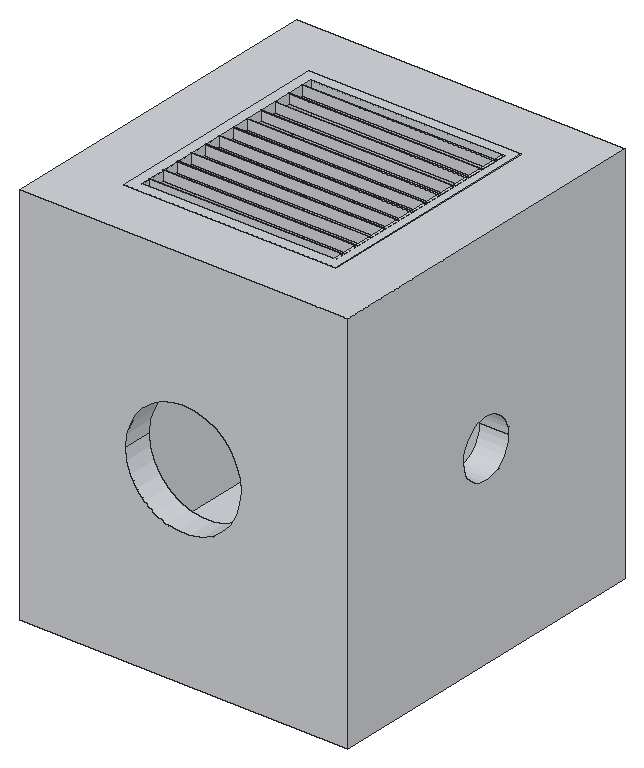
Revit family "GCU_Site_RC Sump", category Site, Revit 2021
Family settings
  Round Connector Dimension = Use Diameter
  Part Type = Normal
  Work Plane-Based = No
  Always vertical = Yes
  Cut with Voids When Loaded = No
  Shared = No
Parameters
  Top Void = yes
  Top Thickness = 200 mm
  Top Diameter = 600 mm
  Right Void = yes
  Right Diameter = 300 mm
  No of Grating Flat Bar = 12
  Left Void = yes
  Left Diameter = 200 mm
  Internal Top Overhang = 200 mm
  Grating Width = Box Width - (2 * Extra Width and Length) - (2 * Internal Top Overhang)  # 1000 mm
  Grating Length = Box Length - (2 * Extra Width and Length) - (2 * Internal Top Overhang)  # 1100 mm
  Extra Width and Length = 150 mm
  Box Width = 1700 mm
  Box Length = 1800 mm
  Box Depth = 2000 mm
  Bottom Void = yes
  Bottom Thickness = 150 mm
  Bottom Diameter = 600 mm
Reference planes
  plane 1 "Center (Front/Back)": y = 0
  plane 2: z = 0
  plane 3 "Center (Left/Right)": x = 0
  plane 4: x = -850
  plane 5: x = 850
  plane 6: y = 900
  plane 7: y = -900
  plane 8 "Box Depth": z = -2000
  plane 9: x = -700
  plane 10: x = 700
  plane 11: y = 750
  plane 12: y = -750
  plane 13 "Bottom Thickness": z = -1850
  plane 14 "Top Thickness": z = -200
  plane 15: y = 550
  plane 16: y = -550
  plane 17: x = -500
  plane 18: x = 500
  plane 19 "Void Center Height": z = -1000
Forms (mm)
  Extrusion 1, solid
    sketch origin (0, 0, 0) x (1, 0, 0) y (0, 1, 0)
      loop
        line (-850, 900) -> (-850, -900) -> (850, -900) -> (850, 900) -> (-850, 900)
    from 0 to -2000
  Extrusion 2, void
    sketch origin (0, 0, 0) x (1, 0, 0) y (0, 1, 0)
      loop
        line (-700, 750) -> (-700, -750) -> (700, -750) -> (700, 750) -> (-700, 750)
    from -1850 to -200
  Extrusion 3, void
    sketch origin (0, 0, 0) x (1, 0, 0) y (0, 1, 0)
      loop
        line (-500, 550) -> (-500, -550) -> (500, -550) -> (500, 550) -> (-500, 550)
    from -200 to 0
  Extrusion 4, void
    sketch origin (0, 0, 0) x (1, 0, 0) y (0, 0, 1)
      loop
        circle (0, -1000) r 300
    from 0 to 900
  Extrusion 5, void
    sketch origin (0, 0, 0) x (1, 0, 0) y (0, 0, 1)
      loop
        circle (0, -1000) r 300
    from -900 to 0
  Extrusion 6, void
    sketch origin (0, 0, 0) x (0, 1, 0) y (0, 0, 1)
      loop
        circle (0, -1000) r 100
    from -850 to 0
  Extrusion 7, void
    sketch origin (0, 0, 0) x (0, 1, 0) y (0, 0, 1)
      loop
        circle (0, -1000) r 150
    from 0 to 850
Cuts and joins
  Extrusion 2, Extrusion 3, Extrusion 4, Extrusion 5, Extrusion 6, Extrusion 7 cuts Extrusion 1
Dimensions and locks
  equal spacing: plane 7, plane 1 "Center (Front/Back)", plane 6  (x2)
  equal spacing: plane 4, plane 3 "Center (Left/Right)", plane 5  (x2)
  "Box Width": plane 4 to plane 5
  "Box Length": plane 6 to plane 7
  "Box Depth": level to plane 8 "Box Depth"
  "Extra Width and Length": plane 6 to plane 11
  "Extra Width and Length": plane 12 to plane 7
  "Extra Width and Length": plane 4 to plane 9
  "Extra Width and Length": plane 10 to plane 5
  "Bottom Thickness": plane 13 "Bottom Thickness" to plane 8 "Box Depth"
  Extrusion 2 to plane 3 "Center (Left/Right)" = 700 mm
  "Top Thickness": level to plane 14 "Top Thickness"
  "Internal Top Overhang": plane 9 to plane 17
  "Internal Top Overhang": plane 18 to plane 10
  "Internal Top Overhang": plane 11 to plane 15
  "Internal Top Overhang": plane 16 to plane 12
  plane 17 to plane 18 = 1000 mm
  plane 15 to plane 16 = 1100 mm
  equal spacing: plane 8 "Box Depth", plane 19 "Void Center Height", level
  equal spacing: plane 6, plane 1 "Center (Front/Back)", plane 7
  "Bottom Diameter": diameter of Extrusion 4 sketch curve
  "Top Diameter": diameter of Extrusion 5 sketch curve
  "Left Diameter": diameter of Extrusion 6 sketch curve
  "Right Diameter": diameter of Extrusion 7 sketch curve
  aligned and locked: level to plane 2
  aligned and locked: Extrusion 1 sketch curve to plane 6
  aligned and locked: Extrusion 1 sketch curve to plane 7
  aligned and locked: Extrusion 1 sketch curve to plane 4
  aligned and locked: Extrusion 1 sketch curve to plane 5
  aligned and locked: level to Extrusion 1
  aligned and locked: plane 8 "Box Depth" to Extrusion 1
  aligned and locked: Extrusion 2 sketch curve to plane 11
  aligned and locked: Extrusion 2 sketch curve to plane 9
  aligned and locked: plane 12 to Extrusion 2 sketch curve
  aligned and locked: plane 10 to Extrusion 2 sketch curve
  aligned and locked: Extrusion 2 to plane 13 "Bottom Thickness"
  aligned and locked: plane 14 "Top Thickness" to Extrusion 2
  aligned and locked: Extrusion 3 sketch curve to plane 15
  aligned and locked: plane 18 to Extrusion 3 sketch curve
  aligned and locked: plane 16 to Extrusion 3 sketch curve
  aligned and locked: Extrusion 3 sketch curve to plane 17
  aligned and locked: Extrusion 3 to Extrusion 2
  aligned and locked: level to Extrusion 3
  aligned and locked: Extrusion 4 sketch curve to plane 3 "Center (Left/Right)"
  aligned and locked: plane 1 "Center (Front/Back)" to Extrusion 4
  aligned and locked: Extrusion 4 to plane 7
  aligned and locked: plane 3 "Center (Left/Right)" to Extrusion 5 sketch curve
  aligned and locked: plane 6 to Extrusion 5
  aligned and locked: Extrusion 5 to plane 1 "Center (Front/Back)"
  aligned and locked: Extrusion 6 sketch curve to plane 1 "Center (Front/Back)"
  aligned and locked: plane 4 to Extrusion 6
  aligned and locked: Extrusion 6 to plane 3 "Center (Left/Right)"
  aligned and locked: plane 1 "Center (Front/Back)" to Extrusion 7 sketch curve
  aligned and locked: Extrusion 7 to plane 5
  aligned and locked: plane 3 "Center (Left/Right)" to Extrusion 7
  aligned and locked: plane 19 "Void Center Height" to Extrusion 4 sketch curve
  aligned and locked: plane 19 "Void Center Height" to Extrusion 5 sketch curve
  aligned and locked: plane 19 "Void Center Height" to Extrusion 6 sketch curve
  aligned and locked: plane 19 "Void Center Height" to Extrusion 7 sketch curve
Nested families
  nested 1: "GCU_Site_Metal Grating" at (0, 0, 0), type "GCU_Site_Metal Grating"
Connectors
  piping at (0, -900, -1000), diameter 600, driven by "Bottom Diameter"
    settings: on cut or joined group of Extrusion 1, Extrusion 2, Extrusion 3, Extrusion 4, Extrusion 5, Extrusion 6, Extrusion 7, index 1, connector inside diameter 609.6 mm, connector length 0 mm, flow factor 0, pipe flow 0.0 L/s, pressure drop 0.0 Pa, fitting loss kfactor 0, connector angle 0.00°, fixture units 0, engagement length 0 mm, angle of deflection 0.00°, flow configuration 0, flow direction 0, fitting loss method 0, system type 7, joint type 0, gender type 0, connector reference index -1, connector utility 0, adjustable connector no, is connector primary no, connector description ""
  piping at (-850, 0, -1000), diameter 200, driven by "Left Diameter"
    settings: on cut or joined group of Extrusion 1, Extrusion 2, Extrusion 3, Extrusion 4, Extrusion 5, Extrusion 6, Extrusion 7, index 2, connector inside diameter 609.6 mm, connector length 0 mm, flow factor 0, pipe flow 0.0 L/s, pressure drop 0.0 Pa, fitting loss kfactor 0, connector angle 0.00°, fixture units 0, engagement length 0 mm, angle of deflection 0.00°, flow configuration 0, flow direction 0, fitting loss method 0, system type 7, joint type 0, gender type 0, connector reference index -1, connector utility 0, adjustable connector no, is connector primary no, connector description ""
  piping at (850, 0, -1000), diameter 300, driven by "Right Diameter"
    settings: on cut or joined group of Extrusion 1, Extrusion 2, Extrusion 3, Extrusion 4, Extrusion 5, Extrusion 6, Extrusion 7, index 3, connector inside diameter 609.6 mm, connector length 0 mm, flow factor 0, pipe flow 0.0 L/s, pressure drop 0.0 Pa, fitting loss kfactor 0, connector angle 0.00°, fixture units 0, engagement length 0 mm, angle of deflection 0.00°, flow configuration 0, flow direction 0, fitting loss method 0, system type 7, joint type 0, gender type 0, connector reference index -1, connector utility 0, adjustable connector no, is connector primary yes, connector description ""
  piping at (0, 900, -1000), diameter 600, driven by "Top Diameter"
    settings: on cut or joined group of Extrusion 1, Extrusion 2, Extrusion 3, Extrusion 4, Extrusion 5, Extrusion 6, Extrusion 7, index 4, connector inside diameter 609.6 mm, connector length 0 mm, flow factor 0, pipe flow 0.0 L/s, pressure drop 0.0 Pa, fitting loss kfactor 0, connector angle 0.00°, fixture units 0, engagement length 0 mm, angle of deflection 0.00°, flow configuration 0, flow direction 0, fitting loss method 0, system type 29, joint type 0, gender type 0, connector reference index -1, connector utility 0, adjustable connector no, is connector primary no, connector description ""
Definition of nested family "GCU_Site_Metal Grating"
  Parameters (values of type "GCU_Site_Metal Grating")
    Width = 1200 mm
    Number of Flat Bars = 12
    Height = 1100 mm
    Flat Bar Width = Width  # 1200 mm
    Flat Bar Thickness = 5 mm
    Flat Bar Distance From Edge = 50 mm
    Angle Width = 50 mm
    Angle Thickness = 5 mm
    Angle Material = none
    Angle Depth = 50 mm
  Reference planes
    plane 1 "Center (Front/Back)": y = 0
    plane 2: z = 0
    plane 3 "Center (Left/Right)": x = 0
    plane 4: x = -600
    plane 5: x = 600
    plane 6: y = 550
    plane 7: y = -550
    plane 8: y = 500
    plane 9: y = -500
  Forms (mm)
    Sweep 1, solid, material <- "Angle Material"
      path origin (0, 0, 0) x (1, 0, 0) y (0, 1, 0)
        loop
          line (-600, 550) -> (-600, -550) -> (600, -550) -> (600, 550) -> (-600, 550)
      profile origin (0, 550, 0) x (0, 1, 0) y (0, 0, 1)
        loop
          line (50, 0) -> (0, 0) -> (0, -50) -> (5, -50) -> (5, -5) -> (50, -5) -> (50, 0)
    Extrusion 2, solid
      sketch origin (0, -71.793, 0) x (1, 0, 0) y (0, 1, 0)
        loop
          line (-600, -428.207) -> (600, -428.207) -> (600, -423.207) -> (-600, -423.207) -> (-600, -428.207)
      from -50 to 0
    Extrusion 3, solid
      sketch origin (0, 923.207, 0) x (1, 0, 0) y (0, 1, 0)
        loop
          line (-600, -428.207) -> (600, -428.207) -> (600, -423.207) -> (-600, -423.207) -> (-600, -428.207)
      from -50 to 0
    Extrusion 4, solid
      sketch origin (0, 18.661, 0) x (1, 0, 0) y (0, 1, 0)
        loop
          line (-600, -428.207) -> (600, -428.207) -> (600, -423.207) -> (-600, -423.207) -> (-600, -428.207)
      from -50 to 0
    Extrusion 5, solid
      sketch origin (0, 109.116, 0) x (1, 0, 0) y (0, 1, 0)
        loop
          line (-600, -428.207) -> (600, -428.207) -> (600, -423.207) -> (-600, -423.207) -> (-600, -428.207)
      from -50 to 0
    Extrusion 6, solid
      sketch origin (0, 199.57, 0) x (1, 0, 0) y (0, 1, 0)
        loop
          line (-600, -428.207) -> (600, -428.207) -> (600, -423.207) -> (-600, -423.207) -> (-600, -428.207)
      from -50 to 0
    Extrusion 7, solid
      sketch origin (0, 290.025, 0) x (1, 0, 0) y (0, 1, 0)
        loop
          line (-600, -428.207) -> (600, -428.207) -> (600, -423.207) -> (-600, -423.207) -> (-600, -428.207)
      from -50 to 0
    Extrusion 8, solid
      sketch origin (0, 380.479, 0) x (1, 0, 0) y (0, 1, 0)
        loop
          line (-600, -428.207) -> (600, -428.207) -> (600, -423.207) -> (-600, -423.207) -> (-600, -428.207)
      from -50 to 0
    Extrusion 9, solid
      sketch origin (0, 470.934, 0) x (1, 0, 0) y (0, 1, 0)
        loop
          line (-600, -428.207) -> (600, -428.207) -> (600, -423.207) -> (-600, -423.207) -> (-600, -428.207)
      from -50 to 0
    Extrusion 10, solid
      sketch origin (0, 561.388, 0) x (1, 0, 0) y (0, 1, 0)
        loop
          line (-600, -428.207) -> (600, -428.207) -> (600, -423.207) -> (-600, -423.207) -> (-600, -428.207)
      from -50 to 0
    Extrusion 11, solid
      sketch origin (0, 651.843, 0) x (1, 0, 0) y (0, 1, 0)
        loop
          line (-600, -428.207) -> (600, -428.207) -> (600, -423.207) -> (-600, -423.207) -> (-600, -428.207)
      from -50 to 0
    Extrusion 12, solid
      sketch origin (0, 742.297, 0) x (1, 0, 0) y (0, 1, 0)
        loop
          line (-600, -428.207) -> (600, -428.207) -> (600, -423.207) -> (-600, -423.207) -> (-600, -428.207)
      from -50 to 0
    Extrusion 13, solid
      sketch origin (0, 832.752, 0) x (1, 0, 0) y (0, 1, 0)
        loop
          line (-600, -428.207) -> (600, -428.207) -> (600, -423.207) -> (-600, -423.207) -> (-600, -428.207)
      from -50 to 0
  Dimensions and locks
    equal spacing: plane 6, plane 1 "Center (Front/Back)", plane 7
    "Height": plane 6 to plane 7
    equal spacing: plane 4, plane 3 "Center (Left/Right)", plane 5
    "Width": plane 4 to plane 5
    "Angle Depth": level to Sweep 1 sketch curve
    "Angle Width": Sweep 1 sketch curve to plane 6
    "Angle Thickness": level to Sweep 1 sketch curve
    "Angle Thickness": Sweep 1 sketch curve to plane 6
    "Flat Bar Distance From Edge": plane 6 to plane 8
    "Flat Bar Distance From Edge": plane 9 to plane 7
    plane 9 to plane 7 = 50 mm
    plane 6 to plane 8 = 50 mm
    "Flat Bar Thickness": Extrusion 2 sketch curve to Extrusion 2 sketch curve
    "Flat Bar Width": Extrusion 2 sketch curve to Extrusion 2 sketch curve
    locked: plane 9 to Extrusion 2
    "Flat Bar Thickness": Extrusion 3 sketch curve to Extrusion 3 sketch curve
    "Flat Bar Width": Extrusion 3 sketch curve to Extrusion 3 sketch curve
    equal spacing: group 2, group 12, group 11, group 10, group 9, group 8, group 7, group 6, group 5, group 4, group 3, group 1
    equal spacing: group 1, group 3, group 4, group 5, group 6, group 7, group 8, group 9, group 10, group 11, group 12, group 2  (x2)
    locked: plane 8 to Extrusion 3
    "Flat Bar Thickness": Extrusion 4 sketch curve to Extrusion 4 sketch curve
    "Flat Bar Width": Extrusion 4 sketch curve to Extrusion 4 sketch curve
    "Flat Bar Thickness": Extrusion 5 sketch curve to Extrusion 5 sketch curve
    "Flat Bar Width": Extrusion 5 sketch curve to Extrusion 5 sketch curve
    "Flat Bar Thickness": Extrusion 6 sketch curve to Extrusion 6 sketch curve
    "Flat Bar Width": Extrusion 6 sketch curve to Extrusion 6 sketch curve
    "Flat Bar Thickness": Extrusion 7 sketch curve to Extrusion 7 sketch curve
    "Flat Bar Width": Extrusion 7 sketch curve to Extrusion 7 sketch curve
    "Flat Bar Thickness": Extrusion 8 sketch curve to Extrusion 8 sketch curve
    "Flat Bar Width": Extrusion 8 sketch curve to Extrusion 8 sketch curve
    "Flat Bar Thickness": Extrusion 9 sketch curve to Extrusion 9 sketch curve
    "Flat Bar Width": Extrusion 9 sketch curve to Extrusion 9 sketch curve
    "Flat Bar Thickness": Extrusion 10 sketch curve to Extrusion 10 sketch curve
    "Flat Bar Width": Extrusion 10 sketch curve to Extrusion 10 sketch curve
    "Flat Bar Thickness": Extrusion 11 sketch curve to Extrusion 11 sketch curve
    "Flat Bar Width": Extrusion 11 sketch curve to Extrusion 11 sketch curve
    "Flat Bar Thickness": Extrusion 12 sketch curve to Extrusion 12 sketch curve
    "Flat Bar Width": Extrusion 12 sketch curve to Extrusion 12 sketch curve
    "Flat Bar Thickness": Extrusion 13 sketch curve to Extrusion 13 sketch curve
    "Flat Bar Width": Extrusion 13 sketch curve to Extrusion 13 sketch curve
    locked: plane 4 to Extrusion 2
    aligned and locked: level to plane 2
    aligned and locked: Sweep 1 sketch curve to plane 6  (x2)
    aligned and locked: Sweep 1 sketch curve to plane 5
    aligned and locked: plane 7 to Sweep 1 sketch curve
    aligned and locked: plane 4 to Sweep 1 sketch curve
    aligned and locked: level to Sweep 1 sketch curve
    aligned and locked: Sweep 1 to Extrusion 3
    aligned and locked: level to Extrusion 3
    aligned and locked: Extrusion 3 to plane 4
